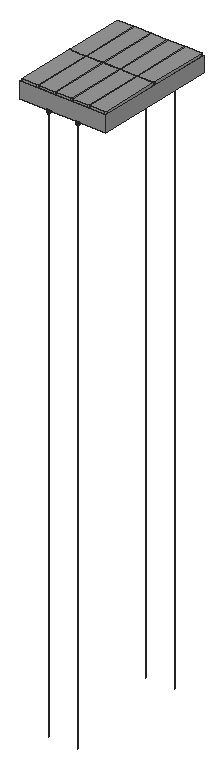
Revit family "62130", category Lighting Fixtures, host Face, Revit 2018
Family settings
  Host = Face
  Round Connector Dimension = Use Diameter
  Part Type = Normal
  OmniClass Number = 23.80.70.00
  OmniClass Title = Lighting
  Cut with Voids When Loaded = No
  Light Source = Yes
  Shared = No
  Room Calculation Point = No
Parameters (values of type "0062130 KUBIXX 4000K 47KLM AISLE  DALI")
  Weight = "n/a"
  Wattage Comments = ""
  Wattage = 9.2903 W
  WarrantyStartDate [instance] = "n/a"
  WarrantyGuarantorParts = "n/a"
  WarrantyDurationUnit = "n/a"
  WarrantyDurationParts = ""
  WarrantyDescription = "http://www.sylvania-lighting.com"
  built-in parameter 1150110 = 1 (stored number, unit not read)
  Voltage = 0 V
  URL = "0"
  TypeName = "KubiXx 4000K 47KLM AISLE  DALI"
  Type Image = <None>
  Type Comments = "n/a"
  built-in parameter 1114217 = 1 (stored number, unit not read)
  Tilt Angle = -90.00°
  built-in parameter 1150109 = 1 (stored number, unit not read)
  built-in parameter 1150134 = 3
  Suspension height = 3000 mm
  built-in parameter 1150113 = 1 (stored number, unit not read)
  SerialNumber [instance] = "n/a"
  Photometric Web File = "0062130.IES"
  Material_3_SYL = none
  PowerFactor = 0
  PowerConsumption = "Lighting"
  NominalLength = 460 mm
  NominalHeight = 94 mm
  NominalDepth = 650 mm
  Name = "KubiXx 4000K 47KLM AISLE  DALI"
  ModelReference = Name  # "KubiXx 4000K 47KLM AISLE  DALI"
  ModelNumber = "0062130"
  Model = Name  # "KubiXx 4000K 47KLM AISLE  DALI"
  Material = "Feilo Sylvania"
  ManufacturerName = "175 lm/W"
  Manufacturer = ""
  LuminousEfficacy = ""
  built-in parameter 1150105 = 109.82 (stored number, unit not read)
  Lumens = 1380 lm
  LuminaireType = "0"
  built-in parameter 1150115 = 1 (stored number, unit not read)
  LightOutputRatio = "LED"
  built-in parameter 1150137 = (empty or 0)
  built-in parameter 1150139 = (empty or 0)
  LampsType = Lamp  # "n/a"
  LampNominalLuminous = "4000 K"
  LampMacAdamStep = "80"
  LampColourTemperature = "LED"
  LampColourRenderingIndex = "16500"
  built-in parameter 1150112 = 1 (stored number, unit not read)
  built-in parameter 1150114 = 1 (stored number, unit not read)
  Lamp = "n/a"
  Keynote = "n/a"
  InstallationDate [instance] = "n/a"
  InputVoltage = "0"
  InputNominalFrequency = "4000"
  built-in parameter 1150132 = (empty or 0)
  built-in parameter 1150102 = (empty or 0)
  built-in parameter 1150107 = 3200 (stored number, unit not read)
  built-in parameter 1150138 = (empty or 0)
  IngressProtection = "IfcLightFixtureType"
  ImpactProtectionIndex = "IfcLightFixtureType"
  built-in parameter 1150106 = 1.0982 (stored number, unit not read)
  IfcExportType = "IfcLightFixtureType"
  IfcExportAs = "Class I"
  Emit from Circle Diameter = 609.6 mm
  Emit Shape Visible in Rendering = no
  ElectricShockClassification = "175"
  built-in parameter 1150104 = 13.8 (stored number, unit not read)
  DocumentationLiterature = "http://www.sylvania-lighting.com/product/en-int/products/0062130"
  DimmingControlOptions = "n/a"
  Material_2_SYL = none
  Dimming Lamp Color Temperature Shift = <None>
  Description = "Logistics and Industry high bay luminaire with wide optics to provide homogenous light distribution for open space areas. 48300lumens, 276W, 175lm/W, 4000K, CRI80, wide beam optic, DALI-2 dimmable, 3 step MacAdam ellipse, grey finish (RAL7012), Class 1, 220-240V, IP65, IK06."
  Default Elevation = 1219.2 mm
  CreatedOn = "09/11/2023"
  CreatedBy = "@sylvania-lighting.com"
  Cost = 0
  Color Filter = 16777215
  built-in parameter 1114216 [instance] = (empty or 0)
  ClassificationValue = "EF_70_80"
  ClassificationName = "Uniclass2015"
  Material_1_SYL = none
  BarCode [instance] = "n/a"
  built-in parameter 1114218 = 1 (stored number, unit not read)
  built-in parameter 1150133 = 10 (stored number, unit not read)
  AssetType = "Fixed"
  AssetIdentifier [instance] = "n/a"
  Assembly Code = "D5020200"
  Apparent Load = 276 VA
  Material_4_SYL = none
Reference planes
  plane 1 "Center (Front/Back)": y = 0
  plane 2: z = 0
  plane 3 "Center (Left/Right)": x = 0
  plane 4: x = -230
  plane 5: x = 230
  plane 6: y = 325
  plane 7: y = -325
  plane 8: z = 94
  plane 9: x = -180.6
  plane 10: y = 160
  plane 11: y = -160
  plane 12: x = -93.6
  plane 13: x = -89.2
  plane 14: x = -2.2
  plane 15: x = 2.2
  plane 16: x = 89.2
  plane 17: x = 93.6
  plane 18: x = 180.6
  plane 19: x = 77.2
  plane 20: x = -77.2
  plane 21: x = -87.2
  plane 22: x = -67.2
  plane 23: z = -18
  plane 24: y = 162
  plane 25: z = -8
  plane 26: y = -162
  plane 27: z = 3083
  plane 28: z = 3094
  plane 29: y = 163.5
  plane 30: z = 3000
  plane 31: z = 2982
  plane 32: x = -225.6
  plane 33: x = 225.6
  plane 34: x = 138.6
  plane 35: x = -138.6
  plane 36: x = 134.2
  plane 37: x = -134.2
  plane 38: x = 47.2
  plane 39: x = -47.2
  plane 40: x = 42.795
  plane 41: x = -42.778
  plane 42: y = 320.6
  plane 43: y = -320.6
  plane 44: y = 321
  plane 45: y = 1
  plane 46: y = -1
Forms (mm)
  Extrusion 1, solid, material "Aluminum", detail levels medium+fine
    sketch origin (0, 0, 0) x (1, 0, 0) y (0, 1, 0)
      loop
        line (-230, 325) -> (-230, -325) -> (230, -325) -> (230, 325) -> (-230, 325)
    from 3000 to 3083
  Extrusion 2, solid, material "Acetal Resin, White", detail levels medium+fine
    sketch origin (0, 160.6, 0) x (1, 0, 0) y (0, 1, 0)
      loop
        arc (-220.65, 160) -> (-224.185, 158.536) -> (-225.65, 155) r 5
        line (-225.65, 155) -> (-225.65, -154.6)
        arc (-225.65, -154.6) -> (-224.185, -158.136) -> (-220.65, -159.6) r 5
        line (-220.65, -159.6) -> (-143.629, -159.6)
        arc (-143.629, -159.6) -> (-140.094, -158.136) -> (-138.629, -154.6) r 5
        line (-138.629, -154.6) -> (-138.629, 155)
        arc (-138.629, 155) -> (-140.094, 158.536) -> (-143.629, 160) r 5
        line (-143.629, 160) -> (-220.65, 160)
    from 3083 to 3094
  Extrusion 3, solid, material "Acetal Resin, White", detail levels medium+fine
    sketch origin (91.4, 160.6, 0) x (1, 0, 0) y (0, 1, 0)
      loop
        arc (-220.89, 160) -> (-224.425, 158.536) -> (-225.89, 155) r 5
        line (-225.89, 155) -> (-225.89, -154.6)
        arc (-225.89, -154.6) -> (-224.425, -158.136) -> (-220.89, -159.6) r 5
        line (-220.89, -159.6) -> (-143.578, -159.6)
        arc (-143.578, -159.6) -> (-140.042, -158.136) -> (-138.578, -154.6) r 5
        line (-138.578, -154.6) -> (-138.578, 155)
        arc (-138.578, 155) -> (-140.042, 158.536) -> (-143.578, 160) r 5
        line (-143.578, 160) -> (-220.89, 160)
    from 3083 to 3094
  Extrusion 4, solid, material "Acetal Resin, White", detail levels medium+fine
    sketch origin (182.8, 160.6, 0) x (1, 0, 0) y (0, 1, 0)
      loop
        arc (-130.605, 160) -> (-134.141, 158.536) -> (-135.605, 155) r 5
        line (-135.605, 155) -> (-135.605, -154.6)
        arc (-135.605, -154.6) -> (-134.141, -158.136) -> (-130.605, -159.6) r 5
        line (-130.605, -159.6) -> (-53.412, -159.6)
        arc (-53.412, -159.6) -> (-49.876, -158.136) -> (-48.412, -154.6) r 5
        line (-48.412, -154.6) -> (-48.412, 155)
        arc (-48.412, 155) -> (-49.876, 158.536) -> (-53.412, 160) r 5
        line (-53.412, 160) -> (-130.605, 160)
    from 3083 to 3094
  Extrusion 5, solid, material "Acetal Resin, White", detail levels medium+fine
    sketch origin (274.2, 160.6, 0) x (1, 0, 0) y (0, 1, 0)
      loop
        arc (-130.583, 160) -> (-134.119, 158.536) -> (-135.583, 155) r 5
        line (-135.583, 155) -> (-135.583, -154.6)
        arc (-135.583, -154.6) -> (-134.119, -158.136) -> (-130.583, -159.6) r 5
        line (-130.583, -159.6) -> (-53.71, -159.6)
        arc (-53.71, -159.6) -> (-50.175, -158.136) -> (-48.71, -154.6) r 5
        line (-48.71, -154.6) -> (-48.71, 155)
        arc (-48.71, 155) -> (-50.175, 158.536) -> (-53.71, 160) r 5
        line (-53.71, 160) -> (-130.583, 160)
    from 3083 to 3094
  Extrusion 6, solid, material "Aluminum", detail levels fine
    sketch origin (0, 0, 2992) x (1, 0, 0) y (0, 0, 1)
      loop
        line (-87.2, 8) -> (-87.2, 0)
        arc (-87.2, 0) -> (-84.271, -7.071) -> (-77.2, -10) r 10
        arc (-77.2, -10) -> (-70.129, -7.071) -> (-67.2, 0) r 10
        line (-67.2, 0) -> (-67.2, 8) -> (-87.2, 8)
    from -325 to -322
  Extrusion 7, void
    sketch origin (0.086, 0, 2990.692) x (1, 0, 0) y (0, 0, 1)
      loop
        circle (-77.2, 0) r 3
    from -350.589 to 380.147
  Extrusion 8, solid, material "Aluminum", detail levels fine
    sketch origin (154.4, 0, 2992) x (1, 0, 0) y (0, 0, 1)
      loop
        line (-87.2, 8) -> (-87.2, 0)
        arc (-87.2, 0) -> (-84.271, -7.071) -> (-77.2, -10) r 10
        arc (-77.2, -10) -> (-70.129, -7.071) -> (-67.2, 0) r 10
        line (-67.2, 0) -> (-67.2, 8) -> (-87.2, 8)
    from -325 to -322
  Extrusion 9, void
    sketch origin (154.475, 0, 2991.254) x (1, 0, 0) y (0, 0, 1)
      loop
        circle (-77.2, 0) r 3
    from -394.188 to 347.516
  Extrusion 10, solid, material "Aluminum", detail levels fine
    sketch origin (0, 0, 2992) x (1, 0, 0) y (0, 0, 1)
      loop
        line (-87.2, 8) -> (-87.2, 0)
        arc (-87.2, 0) -> (-84.271, -7.071) -> (-77.2, -10) r 10
        arc (-77.2, -10) -> (-70.129, -7.071) -> (-67.2, 0) r 10
        line (-67.2, 0) -> (-67.2, 8) -> (-87.2, 8)
    from 325 to 322
  Extrusion 11, solid, material "Aluminum", detail levels fine
    sketch origin (153.445, 0, 2992) x (1, 0, 0) y (0, 0, 1)
      loop
        line (-86.235, 8) -> (-86.235, 0.111)
        arc (-86.235, 0.111) -> (-83.306, -6.96) -> (-76.235, -9.889) r 10
        arc (-76.235, -9.889) -> (-69.163, -6.96) -> (-66.235, 0.111) r 10
        line (-66.235, 0.111) -> (-66.235, 8) -> (-86.235, 8)
    from 325 to 322
  Extrusion 12, solid, material "Stainless Steel"
    sketch origin (-0.029, 159.919, 0) x (1, 0, 0) y (0, 1, 0)
      loop
        circle (-77.2, 163.5) r 1
    from 0 to 3000
  Extrusion 13, solid, material "Stainless Steel"
    sketch origin (154.4, 159.993, 0) x (1, 0, 0) y (0, 1, 0)
      loop
        circle (-77.2, 163.5) r 1
    from 0 to 3000
  Extrusion 14, solid, material "Stainless Steel"
    sketch origin (0, -327, 0) x (1, 0, 0) y (0, 1, 0)
      loop
        circle (-77.2, 3.5) r 1
    from 0 to 3000
  Extrusion 15, solid, material "Stainless Steel"
    sketch origin (154.386, -327.05, 0) x (1, 0, 0) y (0, 1, 0)
      loop
        circle (-77.2, 3.5) r 1
    from 0 to 3000
  Extrusion 16, solid, detail levels coarse
    sketch origin (0, 0, 0) x (1, 0, 0) y (0, 0, 1)
      loop
        line (-230, 3094) -> (-230, 0) -> (230, 0) -> (230, 3094) -> (-230, 3094)
    from -325 to 325
  Extrusion 17, solid, material "Acetal Resin, White", detail levels medium+fine
    sketch origin (181.395, 160.6, 0) x (1, 0, 0) y (0, 1, 0)
      loop
        arc (-219.21, 160) -> (-222.746, 158.536) -> (-224.21, 155) r 5
        line (-224.21, 155) -> (-224.21, -154.6)
        arc (-224.21, -154.6) -> (-222.746, -158.136) -> (-219.21, -159.6) r 5
        line (-219.21, -159.6) -> (-143.578, -159.6)
        arc (-143.578, -159.6) -> (-140.042, -158.136) -> (-138.578, -154.6) r 5
        line (-138.578, -154.6) -> (-138.578, 155)
        arc (-138.578, 155) -> (-140.042, 158.536) -> (-143.578, 160) r 5
        line (-143.578, 160) -> (-219.21, 160)
    from 3083 to 3094
  Extrusion 18, solid, material "Acetal Resin, White", detail levels medium+fine
    sketch origin (0, -160.6, 0) x (1, 0, 0) y (0, 1, 0)
      loop
        arc (-220.65, 159.6) -> (-224.185, 158.136) -> (-225.65, 154.6) r 5
        line (-225.65, 154.6) -> (-225.65, -155)
        arc (-225.65, -155) -> (-224.185, -158.536) -> (-220.65, -160) r 5
        line (-220.65, -160) -> (-143.629, -160)
        arc (-143.629, -160) -> (-140.094, -158.536) -> (-138.629, -155) r 5
        line (-138.629, -155) -> (-138.629, 154.6)
        arc (-138.629, 154.6) -> (-140.094, 158.136) -> (-143.629, 159.6) r 5
        line (-143.629, 159.6) -> (-220.65, 159.6)
    from 3083 to 3094
  Extrusion 19, solid, material "Acetal Resin, White", detail levels medium+fine
    sketch origin (91.4, -160.6, 0) x (1, 0, 0) y (0, 1, 0)
      loop
        arc (-220.89, 159.6) -> (-224.425, 158.136) -> (-225.89, 154.6) r 5
        line (-225.89, 154.6) -> (-225.89, -155)
        arc (-225.89, -155) -> (-224.425, -158.536) -> (-220.89, -160) r 5
        line (-220.89, -160) -> (-143.578, -160)
        arc (-143.578, -160) -> (-140.042, -158.536) -> (-138.578, -155) r 5
        line (-138.578, -155) -> (-138.578, 154.6)
        arc (-138.578, 154.6) -> (-140.042, 158.136) -> (-143.578, 159.6) r 5
        line (-143.578, 159.6) -> (-220.89, 159.6)
    from 3083 to 3094
  Extrusion 20, solid, material "Acetal Resin, White", detail levels medium+fine
    sketch origin (182.8, -160.6, 0) x (1, 0, 0) y (0, 1, 0)
      loop
        arc (-130.605, 159.6) -> (-134.141, 158.136) -> (-135.605, 154.6) r 5
        line (-135.605, 154.6) -> (-135.605, -155)
        arc (-135.605, -155) -> (-134.141, -158.536) -> (-130.605, -160) r 5
        line (-130.605, -160) -> (-53.412, -160)
        arc (-53.412, -160) -> (-49.876, -158.536) -> (-48.412, -155) r 5
        line (-48.412, -155) -> (-48.412, 154.6)
        arc (-48.412, 154.6) -> (-49.876, 158.136) -> (-53.412, 159.6) r 5
        line (-53.412, 159.6) -> (-130.605, 159.6)
    from 3083 to 3094
  Extrusion 21, solid, material "Acetal Resin, White", detail levels medium+fine
    sketch origin (274.2, -160.6, 0) x (1, 0, 0) y (0, 1, 0)
      loop
        arc (-130.583, 159.6) -> (-134.119, 158.136) -> (-135.583, 154.6) r 5
        line (-135.583, 154.6) -> (-135.583, -155)
        arc (-135.583, -155) -> (-134.119, -158.536) -> (-130.583, -160) r 5
        line (-130.583, -160) -> (-53.71, -160)
        arc (-53.71, -160) -> (-50.175, -158.536) -> (-48.71, -155) r 5
        line (-48.71, -155) -> (-48.71, 154.6)
        arc (-48.71, 154.6) -> (-50.175, 158.136) -> (-53.71, 159.6) r 5
        line (-53.71, 159.6) -> (-130.583, 159.6)
    from 3083 to 3094
  Extrusion 22, solid, material "Acetal Resin, White", detail levels medium+fine
    sketch origin (181.395, -160.6, 0) x (1, 0, 0) y (0, 1, 0)
      loop
        arc (-219.21, 159.6) -> (-222.746, 158.136) -> (-224.21, 154.6) r 5
        line (-224.21, 154.6) -> (-224.21, -155)
        arc (-224.21, -155) -> (-222.746, -158.536) -> (-219.21, -160) r 5
        line (-219.21, -160) -> (-143.578, -160)
        arc (-143.578, -160) -> (-140.042, -158.536) -> (-138.578, -155) r 5
        line (-138.578, -155) -> (-138.578, 154.6)
        arc (-138.578, 154.6) -> (-140.042, 158.136) -> (-143.578, 159.6) r 5
        line (-143.578, 159.6) -> (-219.21, 159.6)
    from 3083 to 3094
Cuts and joins
  Extrusion 7 cuts Extrusion 6
  Extrusion 7 cuts Extrusion 10
  Extrusion 9 cuts Extrusion 8
  Extrusion 9 cuts Extrusion 11
Dimensions and locks
  "NominalLength": plane 4 to plane 5
  equal spacing: plane 4, plane 3 "Center (Left/Right)", plane 5
  "NominalDepth": plane 6 to plane 7
  equal spacing: plane 6, plane 1 "Center (Front/Back)", plane 7
  "NominalHeight": plane 8 to level
  Extrusion 4 to plane 3 "Center (Left/Right)" = 47.195 mm
  plane 3 "Center (Left/Right)" to Extrusion 3 = 134.49 mm
  "Suspension height": level to plane 30
  plane 28 to plane 27 = 11 mm
  "NominalHeight": plane 30 to plane 28
  plane 16 to Extrusion 8 = 22 mm
  aligned and locked: plane 2 to host face
  aligned and locked: level to host face
Automatic sketch dimensions
  host sketch curve to host sketch curve = 2438.4 mm  (x2)
  Extrusion 1 sketch curve to plane 4 = 0 mm
  Extrusion 1 sketch curve to plane 5 = 0 mm
  Extrusion 1 sketch curve to plane 7 = 0 mm
  Extrusion 1 sketch curve to plane 6 = 0 mm
  Extrusion 2 sketch curve to plane 42 = 0 mm
  Extrusion 2 sketch curve to plane 32 = 0.05 mm
  Extrusion 2 sketch curve to plane 1 "Center (Front/Back)" = 1 mm
  plane 32 to Extrusion 2 sketch curve = 4.95 mm  (x2)
  plane 35 to Extrusion 2 sketch curve = 5.029 mm  (x2)
  plane 35 to Extrusion 2 sketch curve = 0.029 mm
  Extrusion 3 sketch curve to plane 42 = 0 mm
  plane 37 to Extrusion 3 sketch curve = 0.29 mm
  Extrusion 3 sketch curve to plane 1 "Center (Front/Back)" = 1 mm
  Extrusion 3 sketch curve to plane 37 = 4.71 mm  (x2)
  plane 39 to Extrusion 3 sketch curve = 4.978 mm  (x2)
  Extrusion 3 sketch curve to plane 39 = 0.022 mm
  Extrusion 4 sketch curve to plane 42 = 0 mm
  plane 38 to Extrusion 4 sketch curve = 0.005 mm
  Extrusion 4 sketch curve to plane 1 "Center (Front/Back)" = 1 mm
  Extrusion 4 sketch curve to plane 38 = 4.995 mm  (x2)
  plane 36 to Extrusion 4 sketch curve = 4.812 mm  (x2)
  Extrusion 4 sketch curve to plane 36 = 0.188 mm
  Extrusion 5 sketch curve to plane 42 = 0 mm
  Extrusion 5 sketch curve to plane 34 = 0.017 mm
  Extrusion 5 sketch curve to plane 1 "Center (Front/Back)" = 1 mm
  Extrusion 5 sketch curve to plane 34 = 5.017 mm  (x2)
  Extrusion 5 sketch curve to plane 33 = 5.11 mm  (x2)
  Extrusion 5 sketch curve to plane 33 = 0.11 mm
  Extrusion 6 sketch curve to Extrusion 6 sketch curve = 0 mm  (x2)
  Extrusion 6 sketch curve to plane 21 = 0 mm
  Extrusion 6 sketch curve to plane 20 = 0 mm
  Extrusion 6 sketch curve to plane 31 = 0 mm
  Extrusion 6 sketch curve to plane 30 = 0 mm
  plane 20 to Extrusion 7 sketch curve = 0.086 mm
  plane 31 to Extrusion 7 sketch curve = 8.692 mm
  Extrusion 8 sketch curve to Extrusion 8 sketch curve = 0 mm  (x2)
  Extrusion 8 sketch curve to plane 30 = 0 mm
  Extrusion 8 sketch curve to plane 19 = 0 mm
  Extrusion 8 sketch curve to plane 31 = 0 mm
  Extrusion 8 sketch curve to plane 19 = 10 mm
  plane 19 to Extrusion 9 sketch curve = 0.075 mm
  Extrusion 9 sketch curve to plane 30 = 8.746 mm
  Extrusion 10 sketch curve to Extrusion 10 sketch curve = 0 mm  (x2)
  Extrusion 10 sketch curve to plane 21 = 0 mm
  Extrusion 10 sketch curve to plane 20 = 0 mm
  Extrusion 10 sketch curve to plane 31 = 0 mm
  Extrusion 10 sketch curve to plane 30 = 0 mm
  Extrusion 11 sketch curve to Extrusion 11 sketch curve = 0 mm  (x2)
  Extrusion 11 sketch curve to plane 30 = 0 mm
  Extrusion 11 sketch curve to plane 19 = 9.989 mm
  plane 19 to Extrusion 11 sketch curve = 0.011 mm
  Extrusion 11 sketch curve to Extrusion 11 sketch curve = 7.889 mm
  Extrusion 12 sketch curve to plane 20 = 0.029 mm
  Extrusion 12 sketch curve to plane 6 = 1.581 mm
  Extrusion 13 sketch curve to plane 19 = 0 mm
  Extrusion 13 sketch curve to plane 6 = 1.507 mm
  Extrusion 14 sketch curve to plane 20 = 0 mm
  plane 7 to Extrusion 14 sketch curve = 1.5 mm
  Extrusion 15 sketch curve to plane 19 = 0.014 mm
  plane 7 to Extrusion 15 sketch curve = 1.45 mm
  Extrusion 16 sketch curve to level = 0 mm
  Extrusion 16 sketch curve to plane 4 = 0 mm
  Extrusion 16 sketch curve to plane 5 = 0 mm
  Extrusion 16 sketch curve to plane 28 = 0 mm
  Extrusion 17 sketch curve to plane 42 = 0 mm
  plane 41 to Extrusion 17 sketch curve = 0.038 mm
  Extrusion 17 sketch curve to plane 1 "Center (Front/Back)" = 1 mm
  Extrusion 17 sketch curve to plane 41 = 4.962 mm  (x2)
  plane 40 to Extrusion 17 sketch curve = 4.978 mm  (x2)
  Extrusion 17 sketch curve to plane 40 = 0.022 mm
  Extrusion 18 sketch curve to plane 43 = 0 mm
  Extrusion 18 sketch curve to plane 32 = 0.05 mm
  plane 32 to Extrusion 18 sketch curve = 4.95 mm  (x2)
  plane 1 "Center (Front/Back)" to Extrusion 18 sketch curve = 1 mm
  plane 35 to Extrusion 18 sketch curve = 5.029 mm  (x2)
  plane 35 to Extrusion 18 sketch curve = 0.029 mm
  Extrusion 19 sketch curve to plane 43 = 0 mm
  plane 37 to Extrusion 19 sketch curve = 0.29 mm
  Extrusion 19 sketch curve to plane 37 = 4.71 mm  (x2)
  plane 1 "Center (Front/Back)" to Extrusion 19 sketch curve = 1 mm
  plane 39 to Extrusion 19 sketch curve = 4.978 mm  (x2)
  Extrusion 19 sketch curve to plane 39 = 0.022 mm
  Extrusion 20 sketch curve to plane 43 = 0 mm
  plane 38 to Extrusion 20 sketch curve = 0.005 mm
  Extrusion 20 sketch curve to plane 38 = 4.995 mm  (x2)
  plane 1 "Center (Front/Back)" to Extrusion 20 sketch curve = 1 mm
  plane 36 to Extrusion 20 sketch curve = 4.812 mm  (x2)
  Extrusion 20 sketch curve to plane 36 = 0.188 mm
  Extrusion 21 sketch curve to plane 43 = 0 mm
  Extrusion 21 sketch curve to plane 34 = 0.017 mm
  Extrusion 21 sketch curve to plane 34 = 5.017 mm  (x2)
  plane 1 "Center (Front/Back)" to Extrusion 21 sketch curve = 1 mm
  Extrusion 21 sketch curve to plane 33 = 5.11 mm  (x2)
  Extrusion 21 sketch curve to plane 33 = 0.11 mm
  Extrusion 22 sketch curve to plane 43 = 0 mm
  plane 41 to Extrusion 22 sketch curve = 0.038 mm
  Extrusion 22 sketch curve to plane 41 = 4.962 mm  (x2)
  plane 1 "Center (Front/Back)" to Extrusion 22 sketch curve = 1 mm
  plane 40 to Extrusion 22 sketch curve = 4.978 mm  (x2)
  Extrusion 22 sketch curve to plane 40 = 0.022 mm
  radius of Extrusion 7 sketch curve = 3 mm
  radius of Extrusion 9 sketch curve = 3 mm
  radius of Extrusion 12 sketch curve = 1 mm
  radius of Extrusion 13 sketch curve = 1 mm
  radius of Extrusion 14 sketch curve = 1 mm
  radius of Extrusion 15 sketch curve = 1 mm
Connectors
  electrical at (0, 0, 3000)
    settings: on Extrusion 1, index 1, voltage 0 V, apparent load 0 VA, apparent load phase1 0 VA, apparent load phase2 0 VA, apparent load phase3 0 VA, power factor 1, load classification "Other", number of poles 1, system type 31, power factor state 1, is connector primary yes, connector utility no, sub classification motor no, connector description ""
